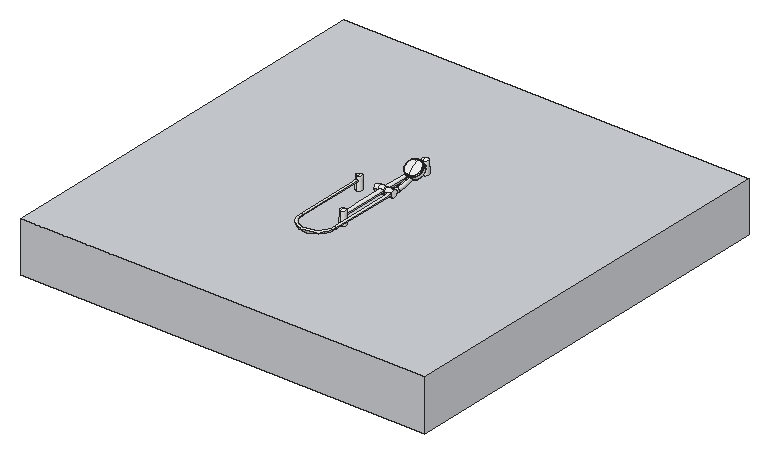
Revit family "Shower_Set-GROHE-New_Tempesta_Cosmopolitan_100-27578_Series", category Plumbing Fixtures, host Face, Revit 2014
Parameters (values of type "27578000")
  cUPC Compliant = yes
  Width = 2 7/8"
  Waste Connection = no
  Warranty Documentation Link = "https://cdn.cloud.grohe.com/tpi/1000/1900/1940/1949/1949006/original/1949006.pdf"
  WFU = 4  # constant formula
  Vent Connection = no
  URL = "https://www.grohe.us/"
  Type Comments = "*DISCONTINUED*"
  Tempered Connection Radius = Tempered Connection Diameter / 2  # 1/4"
  Tempered Connection Diameter = Cold Water Connection Diameter  # 1/2"
  Product Page URL = "https://www.grohe.us/en_us/new-tempesta-cosmopolitan-shower-rail-set-2-sprays-27578000.html"
  Price = "Prices may vary. Please consult Manufacturer Representative for most up-to-date price list."  # constant formula
  Model = "27578000"
  Material = "Metal-Grohe-000-Chrome"
  Manufacturer = "Grohe"
  Length = 3 3/16"  # constant formula
  Installation Type = "Wall Mounted"
  Hot Water Connection Radius = Hot Water Connection Diameter / 2  # 1/4"
  Hot Water Connection Diameter = Cold Water Connection Diameter  # 1/2"
  Height = 24 13/32"
  Hand Shower Geometry = 27578 Shower Handle : 27578 Hand Shower 000
  HWFU = 3  # constant formula
  HW Connection = yes
  Flow Rate = "2.0 gpm (7.6 L/min.)"
  Finish = Metal-Grohe-000-Chrome
  Description = "New Tempesta Cosmopolitan 100"
  Default Elevation = 78"  # constant formula
  Creation Date = "03/02/2017"  # constant formula
  Cold Water Connection Radius = 1/4"  # constant formula
  Cold Water Connection Diameter = Cold Water Connection Radius * 2  # 1/2"
  CWFU = 3  # constant formula
  CW Connection = yes
  Assembly Code = "D2010710"
  ADA Compliant = yes
Types (3): name | Type Comments | Product Page URL | Model | Material | Height | Hand Shower Geometry | Finish
  27578000 | "*DISCONTINUED*" | "https://www.grohe.us/en_us/new-tempesta-cosmopolitan-shower-rail-set-2-sprays-27578000.html" | "27578000" | "Metal-Grohe-000-Chrome" | 24 13/32" | 27578 Shower Handle : 27578 Hand Shower 000 | Metal-Grohe-000-Chrome
  2757810E | 0" | "https://www.grohe.us/en_us/new-tempesta-cosmopolitan-shower-rail-set-2-sprays-2757810E.html" | "2757810E" | "Metal-Grohe-10E-Chrome" | 24 7/16" | 27578 Shower Handle : 27578 Hand Shower 10E | Metal-Grohe-10E-Chrome
  2757800E | 0" | "https://www.grohe.us/en_us/new-tempesta-cosmopolitan-shower-rail-set-2-sprays-2757800E.html" | "2757800E" | "Metal-Grohe-00E-Chrome" | 24 7/16" | 27578 Shower Handle : 27578 Hand Shower 00E | Metal-Grohe-00E-Chrome
Reference planes (in)
  plane 1 "Center (Front/Back)": y = 0
  plane 2: z = 0
  plane 3 "Center (Left/Right)": x = 0
  plane 4: x = -1.4375
  plane 5: x = 1.4375
  plane 6: z = 2.40157
  plane 7: z = 1.53543
  plane 8: z = 1.96181
  plane 9: x = -6
  plane 10: y = 12.20312
  plane 11: y = -12.20313
  plane 12: z = 3.1875
  plane 13: x = 1.9422
  plane 14: y = 0.0625
  plane 15: y = -9.93113
Forms (in)
  Extrusion 1, solid
    sketch origin (0, 0, 0) x (1, 0, 0) y (0, 1, 0)
      loop
        line (-48, 48) -> (-48, -48) -> (48, -48) -> (48, 48) -> (-48, 48)
    from 0 to -12
  Revolve 2, solid, material "Metal-Grohe-000-Chrome" <- "Finish"
    sketch origin (0, 0, 0) x (0, 1, 0) y (0, 0, 1)
      loop
        line (12.20312, 0) -> (12.93567, 0) -> (12.88547, 2.8763)
        arc (12.88547, 2.8763) -> (12.5781, 3.10603) -> (12.20312, 3.1875) r 0.90366
        line (12.20312, 3.1875) -> (12.20312, 0)
      axis (12.20312, 3.1875) -> (12.20312, 0)
    angle from 0 to 360
  Extrusion 3, solid, material "Metal-Grohe-000-Chrome" <- "Finish"
    sketch origin (0, 0, 0) x (1, 0, 0) y (0, 0, 1)
      loop
        circle (0, 1.96181) r 0.43977
    from -12.20313 to 12.20312
  Extrusion 4, solid, material "Metal-Grohe-000-Chrome" <- "Finish"
    sketch origin (0, 0, 0) x (0, 1, 0) y (0, 0, 1)
      loop
        circle (-0.20874, 1.9685) r 0.70866
    from -1.66732 to 2.49409
  Extrusion 5, solid, material "Metal-Grohe-000-Chrome" <- "Finish"
    sketch origin (0, 0, 0) x (0, 1, 0) y (0, 0, 1)
      loop
        circle (-0.20874, 1.9685) r 0.75
    from -0.62992 to 0.62992
  Revolve 6, solid, material "Metal-Grohe-000-Chrome" <- "Finish"
    sketch origin (-6, -12, 0) x (0, 1, 0) y (0, 0, 1)
      loop
        line (12, 0) -> (12.73255, 0) -> (12.68234, 2.8763)
        arc (12.68234, 2.8763) -> (12.34513, 2.95429) -> (12, 2.98049) r 2.28655
        line (12, 2.98049) -> (12, 0)
      axis (12, 2.98049) -> (12, 0)
    angle from 0 to 360
  Sweep 7, solid, material "Metal-Grohe-000-Chrome" <- "Finish"
    path origin (0, 0, 0) x (1, 0, 0) y (0, 1, 0)
      loop
        line (-6, 0) -> (-6, -17.19156)
        arc (-6, -17.19156) -> (-2.0289, -21.16266) -> (1.9422, -17.19156) r 3.9711
        line (1.9422, -17.19156) -> (1.9422, 0)
    profile origin (-6, -8.59578, 0) x (1, 0, 0) y (0, 0, 1)
      loop
        circle (0, 1.96181) r 0.25
  Extrusion 8, solid, material "Metal-Grohe-000-Chrome" <- "Finish"
    sketch origin (-0.29687, 0, 0) x (1, 0, 0) y (0, 0, 1)
      loop
        circle (-0.7947, 1.96181) r 0.25
    from -0.69353 to 0.30713
  Revolve 9, solid, material "Metal-Grohe-000-Chrome" <- "Finish"
    sketch origin (0, 0, 0) x (0, -1, 0) y (0, 0, 1)
      loop
        line (12.20313, 0) -> (12.93567, 0) -> (12.88547, 2.8763)
        arc (12.88547, 2.8763) -> (12.5781, 3.10603) -> (12.20313, 3.1875) r 0.90366
        line (12.20313, 3.1875) -> (12.20313, 0)
      axis (12.20313, 3.1875) -> (12.20313, 0)
    angle from 0 to 360
Cuts and joins
  joined: Revolve 2, Extrusion 3, Extrusion 4, Extrusion 5, Revolve 6, Sweep 7, Extrusion 8, Revolve 9
Lines and regions (in)
  Masking region 1
    outline origin (0, 0, 0) x (1, 0, 0) y (0, 0, 1)
      loop
        line (-6.68234, 2.8763) -> (-6.73255, 0) -> (-5.26745, 0) -> (-5.29736, 1.71341) -> (-1.66732, 1.71341) -> (-1.66732, 1.25984) -> (-0.71056, 1.25984) -> (-0.73255, 0) -> (0.73255, 0) -> (0.71056, 1.25984) -> (2.49409, 1.25984) -> (2.49409, 2.52451)
        arc (2.49409, 2.52451) -> (2.95583, 2.64186) -> (3.39193, 2.83366) r 2.88279
        arc (3.39193, 2.83366) -> (3.58767, 2.97977) -> (3.73378, 3.17551) r 0.85008
        arc (3.73378, 3.17551) -> (3.8114, 3.37522) -> (3.83662, 3.58799) r 0.85008
        line (3.83662, 3.58799) -> (3.89295, 4.39341)
        arc (3.89295, 4.39341) -> (3.86527, 4.6363) -> (3.75239, 4.85314) r 0.67073
        arc (3.75239, 4.85314) -> (3.30422, 5.21653) -> (2.76542, 5.42297) r 1.83686
        arc (2.76542, 5.42297) -> (1.92649, 5.5106) -> (1.08756, 5.42297) r 4.05919
        arc (1.08756, 5.42297) -> (0.57645, 5.22714) -> (0.1513, 4.88242) r 1.74247
        arc (0.1513, 4.88242) -> (-0.01219, 4.55399) -> (0.01637, 4.18824) r 0.68797
        line (0.01637, 4.18824) -> (0.0548, 3.45489)
        arc (0.0548, 3.45489) -> (0.0835, 3.30725) -> (0.15178, 3.17324) r 0.54034
        arc (0.15178, 3.17324) -> (-0.29961, 3.14118) -> (-0.68195, 2.8991) r 0.92629
        line (-0.68195, 2.8991) -> (-0.68582, 2.67717) -> (-1.66732, 2.67717) -> (-1.66732, 2.21021) -> (-5.30603, 2.21021) -> (-5.31766, 2.8763)
        arc (-5.31766, 2.8763) -> (-6, 2.98183) -> (-6.68234, 2.8763) r 2.25886
  symbolic lines, detail levels medium+fine
    curve 1: line (0.68234, 0, 2.8763) -> (0.71056, 0, 1.25984)
    curve 2: line (-0.71056, 0, 1.25984) -> (-0.68582, 0, 2.67717)
    curve 3: line (-5.29736, 0, 1.71341) -> (-5.30603, 0, 2.21021)
    curve 6: arc (0.68234, 0, 2.8763) -> (0.44212, 0, 3.06955) -> (0.15178, 0, 3.17324) r 0.92629
    curve 7: arc (2.49409, 0, 2.52451) -> (2.4246, 0, 2.51571) -> (2.35464, 0, 2.51231) r 0.90578
    curve 8: line (2.35464, 0, 2.51231) -> (2.42238, 0, 2.2134)
    curve 9: arc (2.42238, 0, 2.2134) -> (1.9422, 0, 1.41371) -> (1.46202, 0, 2.2134) r 0.54401
    curve 10: line (1.46202, 0, 2.2134) -> (1.52843, 0, 2.50104)
    curve 16: arc (1.52843, 0, 2.50104) -> (1.10065, 0, 2.60145) -> (0.68467, 0, 2.74299) r 4.51255
  symbolic lines, detail levels fine
    curve 4: circle (-1.09158, 0, 1.96181) r 0.25 normal (0, -1, 0)
    curve 5: line (-1.66732, 0, 2.21021) -> (-1.66732, 0, 1.71341)
    curve 11: arc (2.35464, 0, 2.51231) -> (2.2654, 0, 2.57966) -> (2.18629, 0, 2.65866) r 0.80988
    curve 12: arc (2.18629, 0, 2.65866) -> (2.10736, 0, 2.72717) -> (2.01268, 0, 2.7714) r 0.37743
    curve 13: arc (2.01268, 0, 2.7714) -> (1.94748, 0, 2.7812) -> (1.88228, 0, 2.7714) r 0.22194
    curve 14: arc (1.88228, 0, 2.7714) -> (1.78287, 0, 2.72601) -> (1.69849, 0, 2.65656) r 0.42097
    curve 15: arc (1.69849, 0, 2.65656) -> (1.6165, 0, 2.57548) -> (1.52843, 0, 2.50104) r 1.47729
    curve 17: arc (3.88531, 0, 4.28419) -> (3.71666, 0, 4.69236) -> (3.37078, 0, 4.96699) r 0.87896
    curve 18: arc (3.37078, 0, 4.96699) -> (2.90144, 0, 5.142) -> (2.41448, 0, 5.25936) r 4.16227
    curve 19: arc (2.41448, 0, 5.25936) -> (1.91391, 0, 5.30359) -> (1.41335, 0, 5.25936) r 2.85422
    curve 20: arc (1.41335, 0, 5.25936) -> (1.01692, 0, 5.16381) -> (0.63483, 0, 5.02134) r 3.38845
    curve 21: arc (0.63483, 0, 5.02134) -> (0.22009, 0, 4.69789) -> (0.00658, 0, 4.21722) r 1.08323
Dimensions and locks (in)
  equal spacing: plane 4, plane 3 "Center (Left/Right)", plane 5
  locked: plane 4 to plane 5 at 2.875
  plane 9 to plane 3 "Center (Left/Right)" = 6"
  equal spacing: plane 10, plane 1 "Center (Front/Back)", plane 11
  "Height": plane 10 to plane 11
  "Length": plane 12 to level
  locked: plane 3 "Center (Left/Right)" to plane 13 at 1.9422
  locked: plane 14 to plane 1 "Center (Front/Back)" at 0.0625
  locked: plane 15 to plane 11 at 2.272
  diameter of Extrusion 3 sketch curve = 0.87953"
  aligned and locked: plane 2 to Extrusion 1
  aligned and locked: level to Extrusion 1
  aligned and locked: Extrusion 3 to plane 10
  aligned and locked: Extrusion 3 to plane 11
  aligned and locked: plane 3 "Center (Left/Right)" to Extrusion 3 sketch curve
  aligned and locked: plane 8 to Extrusion 3 sketch curve
  aligned and locked: Revolve 2 sketch curve to plane 10
  aligned and locked: plane 10 to Revolve 2 sketch curve
  aligned and locked: level to Revolve 2 sketch curve
  aligned and locked: plane 11 to Revolve 9 sketch curve
  aligned and locked: Revolve 9 sketch curve to plane 11
  aligned and locked: Revolve 9 sketch curve to level
  aligned and locked: Sweep 7 sketch curve to plane 13
  aligned and locked: plane 8 to nested 1
  aligned and locked: plane 13 to nested 1
  aligned and locked: plane 1 "Center (Front/Back)" to Sweep 7 sketch curve
  aligned and locked: nested 1 to plane 14
Automatic sketch dimensions
  Extrusion 1 sketch curve to Extrusion 1 sketch curve = 96"  (x2)
  Extrusion 4 sketch curve to plane 8 = 0.00669"
  plane 1 "Center (Front/Back)" to Extrusion 4 sketch curve = 0.20874"
  Extrusion 5 sketch curve to plane 8 = 0.00669"
  plane 1 "Center (Front/Back)" to Extrusion 5 sketch curve = 0.20874"
  Revolve 6 sketch curve to level = 0"
  Revolve 6 sketch curve to plane 1 "Center (Front/Back)" = 0"  (x2)
  Revolve 6 sketch curve to plane 1 "Center (Front/Back)" = 0.68234"
  Revolve 6 sketch curve to plane 1 "Center (Front/Back)" = 0.73255"
  Revolve 6 sketch curve to Revolve 6 sketch curve = 0.69394"
  plane 6 to Revolve 6 sketch curve = 0.47473"
  Revolve 6 sketch curve to Revolve 6 sketch curve = 1.07408"
  Revolve 6 sketch curve to Revolve 6 sketch curve = 0.58022"
  Sweep 7 sketch curve to plane 9 = 0"
  plane 1 "Center (Front/Back)" to Sweep 7 sketch curve = 0"
  profile plane to Sweep 7 sketch curve = 0"
  level to Sweep 7 sketch curve = 1.96181"
  Extrusion 8 sketch curve to plane 8 = 0"
  plane 4 to Extrusion 8 sketch curve = 0.34592"
  plane 1 "Center (Front/Back)" to Sweep 7 sketch curve = 17.19156"
  plane 11 to Revolve 9 sketch curve = 0.73255"
  plane 6 to Revolve 9 sketch curve = 0.11774"
  plane 12 to Revolve 9 sketch curve = 0"
  plane 12 to Revolve 9 sketch curve = 0.3112"
  Revolve 9 sketch curve to plane 12 = 0.86707"
  Revolve 9 sketch curve to Revolve 9 sketch curve = 0.58022"
  Revolve 2 sketch curve to plane 10 = 0.73255"
  Revolve 2 sketch curve to plane 6 = 0.11774"
  Revolve 2 sketch curve to plane 12 = 0.3112"
  Revolve 2 sketch curve to plane 12 = 0"
  plane 12 to Revolve 2 sketch curve = 0.86707"
  Revolve 2 sketch curve to Revolve 2 sketch curve = 0.58022"
  Masking region 1 sketch curve to Masking region 1 sketch curve = 0"  (x5)
  Masking region 1 sketch curve to level = 0"  (x2)
  Masking region 1 sketch curve to plane 9 = 0"
  Masking region 1 sketch curve to plane 12 = 0.3112"  (x2)
  Masking region 1 sketch curve to plane 9 = 0.68234"
  Masking region 1 sketch curve to plane 9 = 0.73255"
  Masking region 1 sketch curve to plane 6 = 0.19137"
  Masking region 1 sketch curve to Masking region 1 sketch curve = 0.01163"
  plane 7 to Masking region 1 sketch curve = 0.17798"
  Masking region 1 sketch curve to Masking region 1 sketch curve = 0.00867"
  plane 9 to Masking region 1 sketch curve = 0.73255"
  Masking region 1 sketch curve to plane 4 = 0.22982"  (x2)
  plane 4 to Masking region 1 sketch curve = 0.70495"
  Masking region 1 sketch curve to plane 7 = 0.27559"  (x2)
  Masking region 1 sketch curve to plane 3 "Center (Left/Right)" = 0.71056"
  plane 6 to Masking region 1 sketch curve = 0.27559"
  Masking region 1 sketch curve to plane 12 = 0.2884"
  Masking region 1 sketch curve to Masking region 1 sketch curve = 0.00387"
  plane 3 "Center (Left/Right)" to Masking region 1 sketch curve = 0.71056"
  plane 5 to Masking region 1 sketch curve = 0.70495"
  plane 13 to Masking region 1 sketch curve = 0.07508"
  plane 6 to Masking region 1 sketch curve = 0.12294"
  plane 13 to Masking region 1 sketch curve = 0.55189"
  plane 12 to Masking region 1 sketch curve = 0.39337"
  plane 13 to Masking region 1 sketch curve = 1.04437"
  Masking region 1 sketch curve to Masking region 1 sketch curve = 0.23728"
  plane 12 to Masking region 1 sketch curve = 0.40049"
  Masking region 1 sketch curve to Masking region 1 sketch curve = 0.85005"
  level to Masking region 1 sketch curve = 0.72297"
  Masking region 1 sketch curve to Masking region 1 sketch curve = 0.85932"
  Masking region 1 sketch curve to Masking region 1 sketch curve = 0.9274"
  Masking region 1 sketch curve to plane 12 = 0.01199"
  Masking region 1 sketch curve to Masking region 1 sketch curve = 0.04679"
  plane 13 to Masking region 1 sketch curve = 0.44359"
  plane 12 to Masking region 1 sketch curve = 0.43827"
  Masking region 1 sketch curve to Masking region 1 sketch curve = 0.74814"
  Masking region 1 sketch curve to plane 13 = 0.01571"
  plane 5 to Masking region 1 sketch curve = 0.34994"
  Masking region 1 sketch curve to plane 5 = 0.01018"
  plane 3 "Center (Left/Right)" to Masking region 1 sketch curve = 0.1513"
  plane 3 "Center (Left/Right)" to Masking region 1 sketch curve = 0.66314"
  plane 3 "Center (Left/Right)" to Masking region 1 sketch curve = 0.01637"
  plane 3 "Center (Left/Right)" to Masking region 1 sketch curve = 0.0548"
  plane 12 to Masking region 1 sketch curve = 0.26739"
  Masking region 1 sketch curve to Masking region 1 sketch curve = 0.5396"
  plane 12 to Masking region 1 sketch curve = 0.29567"
  Masking region 1 sketch curve to plane 12 = 0.01426"
  Masking region 1 sketch curve to plane 3 "Center (Left/Right)" = 0.01027"
  Masking region 1 sketch curve to plane 6 = 0.14033"
  Masking region 1 sketch curve to Masking region 1 sketch curve = 0.6691"
  Masking region 1 sketch curve to Masking region 1 sketch curve = 0.19157"
  curve 4 to plane 8 = 0"
  curve 9 to plane 13 = 0"
  curve 19 to plane 13 = 0.02829"
  plane 6 to curve 12 = 0.00905"
  curve 12 to plane 13 = 0.0404"
  curve 18 to plane 5 = 0.24701"
  curve 10 to plane 5 = 0.09093"
  curve 10 to plane 5 = 0.02452"
  plane 5 to curve 21 = 0.36381"
  curve 1 to plane 12 = 0.3112"
  curve 15 to curve 21 = 0.45413"
  curve 6 to plane 3 "Center (Left/Right)" = 0.01027"
  plane 4 to curve 4 = 0.34592"
  plane 13 to curve 13 = 0.00528"
  curve 14 to plane 6 = 0.03256"
  plane 13 to curve 14 = 0.06375"
  plane 8 to curve 20 = 0.03839"
  plane 13 to curve 20 = 0.06541"
  plane 13 to curve 16 = 0.40228"
  plane 13 to curve 7 = 0.40346"
  plane 6 to curve 8 = 0.11074"
  curve 14 to curve 8 = 0.34869"
  curve 8 to plane 6 = 0.18817"
  curve 11 to curve 8 = 0.06773"
  plane 12 to curve 11 = 0.00339"
  curve 7 to curve 11 = 0.45107"
  curve 18 to plane 7 = 0.37383"
  plane 8 to curve 9 = 0.00409"
  curve 6 to plane 6 = 0.14033"
  curve 12 to curve 19 = 0.03875"
  plane 6 to curve 10 = 0.09947"
  curve 19 to curve 13 = 0.10988"
  plane 12 to curve 7 = 0.23054"
  curve 17 to curve 16 = 2.7758"
  curve 14 to plane 13 = 0.05992"
  curve 13 to curve 14 = 0"
  plane 5 to curve 20 = 0.02415"
  curve 19 to curve 20 = 0"
  curve 1 to plane 7 = 0.27559"
  plane 3 "Center (Left/Right)" to curve 1 = 0.71056"
  curve 21 to curve 20 = 0"
  plane 6 to curve 2 = 0.27559"
  curve 2 to plane 3 "Center (Left/Right)" = 0.68582"
  curve 2 to plane 7 = 0.27559"
  curve 2 to plane 3 "Center (Left/Right)" = 0.71056"
  curve 5 to plane 4 = 0.22982"
  plane 7 to curve 3 = 0.17798"
  plane 9 to curve 3 = 0.70264"
  curve 3 to plane 6 = 0.19137"
  curve 3 to curve 3 = 0.00867"
  curve 12 to curve 13 = 0"
  curve 18 to curve 19 = 0"
  plane 6 to curve 7 = 0.12294"
  curve 17 to curve 18 = 0"
  plane 7 to curve 5 = 0.17798"
  curve 5 to plane 6 = 0.19137"
  plane 3 "Center (Left/Right)" to curve 1 = 0.68234"
  plane 12 to curve 15 = 0.47815"
  curve 6 to plane 12 = 0.01426"
  curve 11 to curve 17 = 0.21795"
  curve 15 to curve 21 = 0.36534"
  plane 12 to curve 17 = 0.97589"
  plane 3 "Center (Left/Right)" to curve 21 = 0.00658"
  curve 18 to curve 17 = 0.51453"
  radius of Extrusion 4 sketch curve = 0.70866"
  radius of Extrusion 5 sketch curve = 3/4"
  radius of Sweep 7 sketch curve = 1/4"
  radius of Extrusion 8 sketch curve = 1/4"
  radius of curve 4 = 1/4"
Nested families (in)
  nested 1: "27578 Shower Handle" at (1.9422, 0.0625, 1.96181) x (-1, 0, 0) z (0, 1, 0), type <- "Hand Shower Geometry", type "27578 Hand Shower 000"
Connectors (in)
  piping at (-6, 0, 0), diameter 0.5, driven by "Tempered Connection Diameter"
    settings: on cut or joined group of Revolve 2, Extrusion 3, Extrusion 4, Extrusion 5, Revolve 6, Sweep 7, Extrusion 8, Revolve 9, index 1, connector inside diameter 24", connector length 0", flow factor 0, pipe flow 0 GPM, pressure drop 0.00 psi, fitting loss kfactor 0, connector angle 0.00°, fixture units 0, engagement length 0", angle of deflection 0.00°, flow configuration 0, flow direction 1, fitting loss method 0, system type 29, joint type 0, gender type 0, connector reference index -1, connector utility 0, adjustable connector no, is connector primary yes, connector description "1/2\" NPT Supply Inlet"
Definition of nested family "27578 Shower Handle"
  Parameters (values of type "27578 Hand Shower 00E")
    Material = Metal-Grohe-00E-Chrome
    Default Elevation = 0"
  Types (3): name | Material
    27578 Hand Shower 000 | Metal-Grohe-000-Chrome
    27578 Hand Shower 10E | Metal-Grohe-10E-Chrome
    27578 Hand Shower 00E | Metal-Grohe-00E-Chrome
  Reference planes (in)
    plane 1 "Center (Front/Back)": y = 0
    plane 2: z = 0
    plane 3 "Center (Left/Right)": x = 0
    plane 4: x = 16.25
    plane 5: z = 7.73206
  Forms (in)
    Sweep 1, solid, material "Metal-Grohe-00E-Chrome" <- "Material"
      path origin (0, 0, 0) x (0, 1, 0) y (0, 0, 1)
        loop
          line (0, 0.40412) -> (0, 1.12557)
          arc (0, 1.12557) -> (-0.3396, 3.8953) -> (-1.33828, 6.50094) r 11.46458
      profile origin (0, 0, 0.76485) x (0, -1, 0) y (1, 0, 0)
        loop
          circle (0, 0) r 0.53701
    Revolve 2, solid, material "Metal-Grohe-00E-Chrome" <- "Material"
      sketch origin (0, 0, 0) x (0, 1, 0) y (0, 0, 1)
        loop
          line (0.39844, 0.31496) -> (0.34814, 0.31496) -> (0.34814, 0.40412) -> (0.34814, 0.65412) -> (0, 0.65412) -> (0, 0) -> (0.34814, 0) -> (0.34814, 0.04724) -> (0.39844, 0.09754) -> (0.39844, 0.31496)
        axis (0, 0.65412) -> (0, 0)
      angle from 0 to 360
    Revolve 3, solid, material "Metal-Grohe-00E-Chrome" <- "Material"
      sketch origin (0, 6.5248, 4.72394) x (0, 0.848048, 0.529919) y (0, -0.529919, 0.848048)
        loop
          arc (-6.61477, 7.99987) -> (-6.63059, 7.99403) -> (-6.63725, 7.97854) r 0.02136
          line (-6.63725, 7.97854) -> (-6.63725, 7.88424) -> (-6.67141, 7.88424) -> (-6.67141, 7.98477)
          arc (-6.67141, 7.98477) -> (-6.67785, 8.00091) -> (-6.69363, 8.00818) r 0.02344
          line (-6.69363, 8.00818) -> (-6.85076, 8.01642)
          arc (-6.85076, 8.01642) -> (-6.87, 8.01284) -> (-6.88549, 8.00089) r 0.04176
          arc (-6.88549, 8.00089) -> (-6.93877, 7.92927) -> (-6.98648, 7.85383) r 1.17954
          line (-6.98648, 7.85383) -> (-6.98648, 7.81963)
          arc (-6.98648, 7.81963) -> (-7.10612, 6.94468) -> (-7.14612, 6.0625) r 9.75021
          line (-7.14612, 6.0625) -> (-5.12363, 6.0625)
          arc (-5.12363, 6.0625) -> (-5.26886, 7.03666) -> (-5.68339, 7.93011) r 3.45074
          arc (-5.68339, 7.93011) -> (-5.70061, 7.94642) -> (-5.72336, 7.95315) r 0.0509
          line (-5.72336, 7.95315) -> (-6.61477, 7.99987)
        axis (-7.14612, 6.0625) -> (-5.12363, 6.0625)
      angle from 0 to 360
    Extrusion 4, solid, material "Metal-Grohe-00E-Chrome" <- "Material"
      sketch origin (0, 0, 0) x (0, 1, 0) y (0, 0, 1)
        loop
          arc (-0.86433, 4.01282) -> (-0.84831, 4.02107) -> (-0.84449, 4.03867) r 0.02112
          line (-0.84449, 4.03867) -> (-0.98193, 4.63401)
          arc (-0.98193, 4.63401) -> (-0.995, 4.65472) -> (-1.01812, 4.66279) r 0.03714
          line (-1.01812, 4.66279) -> (-1.18016, 4.66279)
          arc (-1.18016, 4.66279) -> (-1.19721, 4.66704) -> (-1.21026, 4.67879) r 0.03631
          line (-1.21026, 4.67879) -> (-1.3929, 4.94957) -> (-1.42121, 4.90759) -> (-1.46936, 4.60364) -> (-1.4205, 4.59055)
          arc (-1.4205, 4.59055) -> (-1.40476, 4.58022) -> (-1.39827, 4.56254) r 0.03001
          line (-1.39827, 4.56254) -> (-1.38043, 4.01543)
          arc (-1.38043, 4.01543) -> (-1.37392, 4.00107) -> (-1.35915, 3.99554) r 0.02058
          line (-1.35915, 3.99554) -> (-0.86433, 4.01282)
      from -0.0595 to 0.06137
  Cuts and joins
    joined: Sweep 1, Revolve 2, Revolve 3, Extrusion 4
